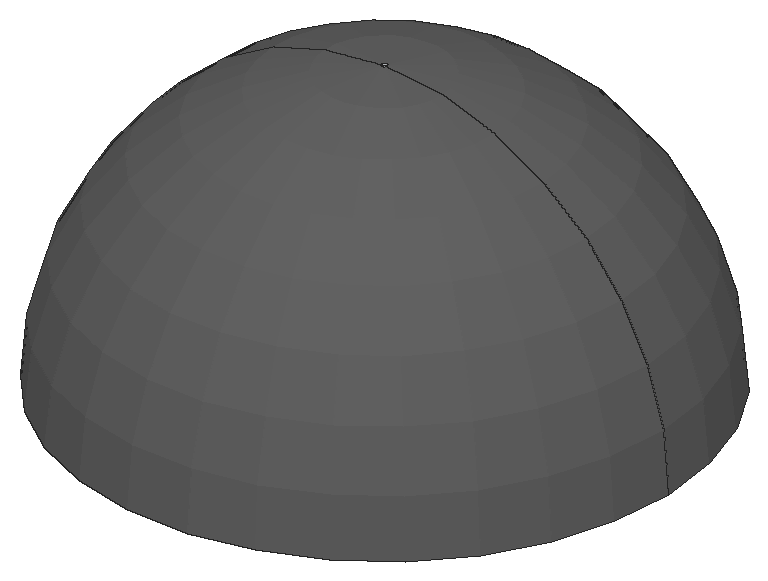
Revit family "HD48 SHADE", category Lighting Fixtures, Revit 2024
Family settings
  Round Connector Dimension = Use Diameter
  Part Type = Normal
  OmniClass Number = 23.80.70.00
  OmniClass Title = Lighting
  Work Plane-Based = No
  Always vertical = Yes
  Cut with Voids When Loaded = No
  Light Source = Yes
  Maintain Annotation Orientation = No
  Shared = No
  Room Calculation Point = No
Parameters
  Wattage = 12.1178 W
  built-in parameter 1150110 = 1 (stored number, unit not read)
  built-in parameter 1114217 = 1 (stored number, unit not read)
  built-in parameter 1150109 = 1 (stored number, unit not read)
  built-in parameter 1150134 = (empty or 0)
  built-in parameter 1150113 = 1 (stored number, unit not read)
  Lumens = 1800 lm
  built-in parameter 1150115 = 1 (stored number, unit not read)
  built-in parameter 1150105 = 572.96 (stored number, unit not read)
  Light Source Symbol Size = 2' - 0"
  built-in parameter 1150137 = (empty or 0)
  built-in parameter 1150139 = (empty or 0)
  built-in parameter 1150112 = 1 (stored number, unit not read)
  built-in parameter 1150114 = 1 (stored number, unit not read)
  built-in parameter 1150132 = 2
  built-in parameter 1150102 = (empty or 0)
  built-in parameter 1150138 = (empty or 0)
  built-in parameter 1150107 = 3000 (stored number, unit not read)
  built-in parameter 1150106 = 5.7296 (stored number, unit not read)
  built-in parameter 1150104 = 13.8 (stored number, unit not read)
  Dimming Lamp Color Temperature Shift = (empty or 0)
  Default Elevation = 0' - 0"
  Color Filter = 16777215
  built-in parameter 1114218 = 1 (stored number, unit not read)
  built-in parameter 1150133 = 10 (stored number, unit not read)
Reference planes (in)
  plane 1 "Light Source Axis (F/B)": y = 0
  plane 2: z = 0
  plane 3 "Light Source Axis (L/R)": x = 0
  plane 4 "Light Source Elevation": z = 54
Forms (in)
  Revolve 1, solid
    sketch origin (0, 0, 0) x (1, 0, 0) y (0, 0, 1)
      loop
        arc (-0.25, 77.9987) -> (-17.05872, 70.88194) -> (-24, 54) r 24
        line (-24, 54) -> (-23.90625, 54)
        arc (-23.90625, 54) -> (-16.99243, 70.81565) -> (-0.25, 77.90494) r 23.90625
        line (-0.25, 77.90494) -> (-0.25, 77.9987)
      axis (0, 77.9987) -> (0, 54)
    angle from 0 to 360
Dimensions and locks (in)
  aligned and locked: plane 3 "Light Source Axis (L/R)" to imposter light
  aligned and locked: plane 1 "Light Source Axis (F/B)" to imposter light
  aligned and locked: plane 4 "Light Source Elevation" to imposter light
  aligned and locked: level to plane 2
